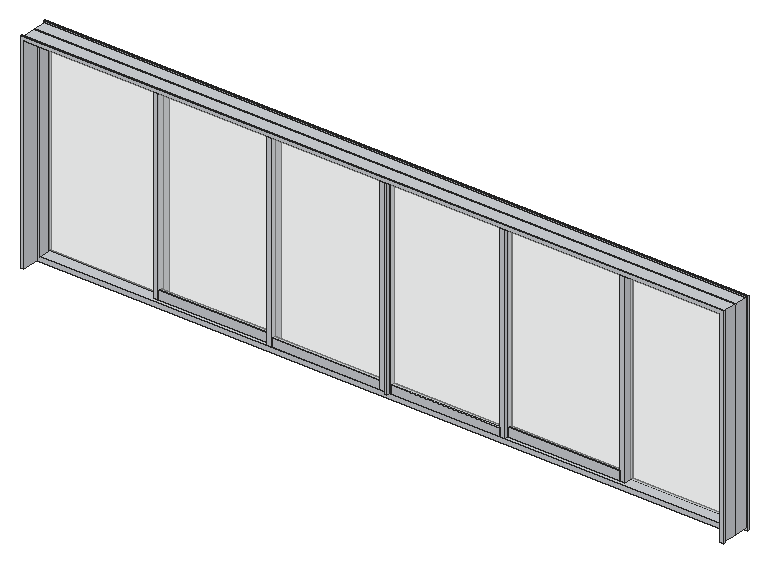
Revit family "APL Residential Thermal Heart Sliding Door FSSSSF", category Doors, host Wall, Revit 2017 (continued)
Definition of nested family "APL Residential Thermal Heart Sliding Door FSSSSF Vertical Section"
  Definition of nested family "Three Panel Head"
    Definition of nested family "65460_Door Top And Window Rail"
      Lines and regions (mm)
        detail lines, in view "Ref. Level"
          curve 115: line (17.002, 35.003, 0) -> (17.002, 31.776, 0)
          curve 116: line (17.002, 31.75, 0) -> (17.196, 31, 0)
          curve 117: line (17.002, 30.75, 0) -> (16.482, 30.75, 0)
          curve 118: line (16.325, 30.794, 0) -> (15.071, 31.559, 0)
          curve 119: line (14.502, 31.7, 0) -> (14.502, 29.554, 0)
          curve 120: line (14.598, 29.383, 0) -> (16.379, 28.296, 0)
          curve 121: line (16.379, 27.954, 0) -> (14.598, 26.867, 0)
          curve 122: line (14.502, 26.696, 0) -> (14.502, 24.55, 0)
          curve 123: line (15.071, 24.691, 0) -> (16.325, 25.456, 0)
          curve 124: line (16.481, 25.5, 0) -> (17.002, 25.5, 0)
          curve 125: arc (17.002, 25.5, 0) -> (17.16, 25.422, 0) -> (17.196, 25.25, 0) r 0.2
          curve 126: arc (2.202, 31.65, 0) -> (2.319, 31.367, 0) -> (2.602, 31.25, 0) r 0.4
          curve 127: arc (2.895, 31.25, 0) -> (2.998, 31.264, 0) -> (3.095, 31.304, 0) r 0.4
          curve 128: arc (4.623, 32.189, 0) -> (4.913, 32.309, 0) -> (5.224, 32.35, 0) r 1.2
          curve 129: arc (6.147, 32.35, 0) -> (6.72, 32.531, 0) -> (7.086, 33.008, 0) r 1
          curve 130: arc (7.879, 35.187, 0) -> (8.026, 35.378, 0) -> (8.255, 35.45, 0) r 0.4
          curve 131: arc (10.949, 35.45, 0) -> (11.178, 35.378, 0) -> (11.325, 35.187, 0) r 0.4
          curve 132: arc (12.118, 33.008, 0) -> (12.484, 32.531, 0) -> (13.057, 32.35, 0) r 1
          curve 133: arc (13.98, 32.35, 0) -> (14.291, 32.309, 0) -> (14.581, 32.189, 0) r 1.2
          curve 134: arc (16.109, 31.304, 0) -> (16.206, 31.264, 0) -> (16.309, 31.25, 0) r 0.4
          curve 135: arc (16.602, 31.25, 0) -> (16.885, 31.367, 0) -> (17.002, 31.65, 0) r 0.4
          curve 136: arc (17.002, 35.05, 0) -> (16.885, 35.333, 0) -> (16.602, 35.45, 0) r 0.4
          curve 137: arc (16.309, 35.45, 0) -> (16.206, 35.437, 0) -> (16.109, 35.396, 0) r 0.4
          curve 138: arc (14.581, 34.512, 0) -> (14.287, 34.39, 0) -> (13.972, 34.35, 0) r 1.2
          curve 139: arc (13.972, 34.35, 0) -> (13.797, 34.403, 0) -> (13.686, 34.548, 0) r 0.3
          curve 140: arc (12.798, 36.987, 0) -> (12.651, 37.178, 0) -> (12.422, 37.25, 0) r 0.4
          curve 141: arc (6.782, 37.25, 0) -> (6.553, 37.178, 0) -> (6.406, 36.987, 0) r 0.4
          curve 142: arc (5.518, 34.548, 0) -> (5.407, 34.403, 0) -> (5.232, 34.35, 0) r 0.3
          curve 143: arc (5.232, 34.35, 0) -> (4.917, 34.39, 0) -> (4.623, 34.512, 0) r 1.2
          curve 144: arc (3.095, 35.396, 0) -> (2.998, 35.437, 0) -> (2.895, 35.45, 0) r 0.4
          curve 145: arc (2.602, 35.45, 0) -> (2.319, 35.333, 0) -> (2.202, 35.05, 0) r 0.4
          curve 146: line (2.602, 31.25, 0) -> (2.895, 31.25, 0)
          curve 147: line (3.095, 31.304, 0) -> (4.623, 32.189, 0)
          curve 148: line (5.224, 32.35, 0) -> (6.147, 32.35, 0)
          curve 149: line (7.086, 33.008, 0) -> (7.879, 35.187, 0)
          curve 150: line (8.255, 35.45, 0) -> (10.949, 35.45, 0)
          curve 151: line (11.325, 35.187, 0) -> (12.118, 33.008, 0)
          curve 152: line (13.057, 32.35, 0) -> (13.98, 32.35, 0)
          curve 153: line (14.581, 32.189, 0) -> (16.109, 31.304, 0)
          curve 154: line (16.309, 31.25, 0) -> (16.602, 31.25, 0)
          curve 155: line (17.002, 31.65, 0) -> (17.002, 35.05, 0)
          curve 156: line (16.602, 35.45, 0) -> (16.309, 35.45, 0)
          curve 157: line (16.109, 35.396, 0) -> (14.581, 34.512, 0)
          curve 158: line (13.686, 34.548, 0) -> (12.798, 36.987, 0)
          curve 159: line (12.422, 37.25, 0) -> (6.782, 37.25, 0)
          curve 160: line (6.406, 36.987, 0) -> (5.518, 34.548, 0)
          curve 161: line (4.623, 34.512, 0) -> (3.095, 35.396, 0)
          curve 162: line (2.895, 35.45, 0) -> (2.602, 35.45, 0)
          curve 163: line (2.202, 35.05, 0) -> (2.202, 31.65, 0)
          curve 164: arc (2.202, 24.6, 0) -> (2.319, 24.883, 0) -> (2.602, 25, 0) r 0.4
          curve 165: arc (2.895, 25, 0) -> (2.998, 24.986, 0) -> (3.095, 24.946, 0) r 0.4
          curve 166: arc (4.623, 24.061, 0) -> (4.913, 23.941, 0) -> (5.224, 23.9, 0) r 1.2
          curve 167: arc (6.147, 23.9, 0) -> (6.72, 23.719, 0) -> (7.086, 23.242, 0) r 1
          curve 168: arc (7.879, 21.063, 0) -> (8.026, 20.872, 0) -> (8.255, 20.8, 0) r 0.4
          curve 169: arc (10.949, 20.8, 0) -> (11.178, 20.872, 0) -> (11.325, 21.063, 0) r 0.4
          curve 170: arc (12.118, 23.242, 0) -> (12.484, 23.719, 0) -> (13.057, 23.9, 0) r 1
          curve 171: arc (13.98, 23.9, 0) -> (14.291, 23.941, 0) -> (14.581, 24.061, 0) r 1.2
          curve 172: arc (16.109, 24.946, 0) -> (16.206, 24.986, 0) -> (16.309, 25, 0) r 0.4
          curve 173: arc (16.602, 25, 0) -> (16.885, 24.883, 0) -> (17.002, 24.6, 0) r 0.4
          curve 174: arc (17.002, 21.2, 0) -> (16.885, 20.917, 0) -> (16.602, 20.8, 0) r 0.4
          curve 175: arc (16.309, 20.8, 0) -> (16.206, 20.813, 0) -> (16.109, 20.854, 0) r 0.4
          curve 176: arc (14.581, 21.738, 0) -> (14.287, 21.86, 0) -> (13.972, 21.9, 0) r 1.2
          curve 177: arc (13.972, 21.9, 0) -> (13.797, 21.847, 0) -> (13.686, 21.702, 0) r 0.3
          curve 178: arc (12.798, 19.263, 0) -> (12.651, 19.072, 0) -> (12.422, 19, 0) r 0.4
          curve 179: arc (6.782, 19, 0) -> (6.553, 19.072, 0) -> (6.406, 19.263, 0) r 0.4
          curve 180: arc (5.518, 21.702, 0) -> (5.407, 21.847, 0) -> (5.232, 21.9, 0) r 0.3
          curve 181: arc (5.232, 21.9, 0) -> (4.917, 21.86, 0) -> (4.623, 21.738, 0) r 1.2
          curve 182: arc (3.095, 20.854, 0) -> (2.998, 20.813, 0) -> (2.895, 20.8, 0) r 0.4
          curve 183: arc (2.602, 20.8, 0) -> (2.319, 20.917, 0) -> (2.202, 21.2, 0) r 0.4
          curve 184: line (2.602, 25, 0) -> (2.895, 25, 0)
          curve 185: line (3.095, 24.946, 0) -> (4.623, 24.061, 0)
          curve 186: line (5.224, 23.9, 0) -> (6.147, 23.9, 0)
          curve 187: line (7.086, 23.242, 0) -> (7.879, 21.063, 0)
          curve 188: line (8.255, 20.8, 0) -> (10.949, 20.8, 0)
          curve 189: line (11.325, 21.063, 0) -> (12.118, 23.242, 0)
          curve 190: line (13.057, 23.9, 0) -> (13.98, 23.9, 0)
          curve 191: line (14.581, 24.061, 0) -> (16.109, 24.946, 0)
          curve 192: line (16.309, 25, 0) -> (16.602, 25, 0)
          curve 193: line (17.002, 24.6, 0) -> (17.002, 21.2, 0)
          curve 194: line (16.602, 20.8, 0) -> (16.309, 20.8, 0)
          curve 195: line (16.109, 20.854, 0) -> (14.581, 21.738, 0)
          curve 196: line (13.686, 21.702, 0) -> (12.798, 19.263, 0)
          curve 197: line (12.422, 19, 0) -> (6.782, 19, 0)
          curve 198: line (6.406, 19.263, 0) -> (5.518, 21.702, 0)
          curve 199: line (4.623, 21.738, 0) -> (3.095, 20.854, 0)
          curve 200: line (2.895, 20.8, 0) -> (2.602, 20.8, 0)
          curve 201: line (2.202, 21.2, 0) -> (2.202, 24.6, 0)
          curve 202: arc (2.402, 7.33, 0) -> (2.261, 7.271, 0) -> (2.202, 7.13, 0) r 0.2
          curve 203: arc (2.202, 6.53, 0) -> (2.143, 6.388, 0) -> (2.002, 6.33, 0) r 0.2
          curve 204: arc (1.6, 6.33, 0) -> (1.459, 6.388, 0) -> (1.4, 6.53, 0) r 0.2
          curve 205: arc (1.644, 18.06, 0) -> (1.956, 18.728, 0) -> (2.642, 19, 0) r 1
          curve 206: arc (3.119, 19, 0) -> (3.424, 19.199, 0) -> (3.697, 18.957, 0) r 0.3
          curve 207: arc (3.697, 18.957, 0) -> (3.763, 18.819, 0) -> (3.889, 18.731, 0) r 0.3
          curve 208: arc (5.299, 18.218, 0) -> (5.585, 18.262, 0) -> (5.701, 18.526, 0) r 0.3
          curve 209: arc (5.494, 20.891, 0) -> (5.467, 20.992, 0) -> (5.407, 21.077, 0) r 0.3
          curve 210: arc (5.043, 21.441, 0) -> (4.85, 21.493, 0) -> (4.709, 21.352, 0) r 0.2
          curve 211: arc (4.664, 21.184, 0) -> (4.612, 21.095, 0) -> (4.523, 21.043, 0) r 0.2
          curve 212: arc (2.302, 20.5, 0) -> (2.022, 20.693, 0) -> (2.102, 21.023, 0) r 0.3
          curve 213: arc (2.102, 21.023, 0) -> (2.176, 21.125, 0) -> (2.202, 21.247, 0) r 0.3
          curve 214: arc (2.008, 25.25, 0) -> (2.044, 25.422, 0) -> (2.202, 25.5, 0) r 0.2
          curve 215: arc (2.722, 25.5, 0) -> (2.804, 25.489, 0) -> (2.879, 25.456, 0) r 0.3
          curve 216: arc (4.133, 24.691, 0) -> (4.13, 24.521, 0) -> (4.236, 24.388, 0) r 0.25
          curve 217: arc (4.322, 24.336, 0) -> (4.574, 24.332, 0) -> (4.702, 24.55, 0) r 0.25
          curve 218: arc (4.702, 26.696, 0) -> (4.676, 26.794, 0) -> (4.606, 26.867, 0) r 0.2
          curve 219: arc (2.725, 28.015, 0) -> (2.629, 28.186, 0) -> (2.725, 28.357, 0) r 0.2
          curve 220: arc (4.606, 29.505, 0) -> (4.676, 29.578, 0) -> (4.702, 29.676, 0) r 0.2
          curve 221: arc (4.702, 31.7, 0) -> (4.575, 31.918, 0) -> (4.322, 31.914, 0) r 0.25
          curve 222: arc (4.236, 31.861, 0) -> (4.13, 31.729, 0) -> (4.133, 31.559, 0) r 0.25
          curve 223: arc (2.879, 30.794, 0) -> (2.804, 30.761, 0) -> (2.723, 30.75, 0) r 0.3
          curve 224: arc (2.202, 30.75, 0) -> (2.044, 30.828, 0) -> (2.008, 31, 0) r 0.2
          curve 225: arc (2.202, 35.003, 0) -> (2.176, 35.125, 0) -> (2.102, 35.227, 0) r 0.3
          curve 226: arc (2.102, 35.227, 0) -> (2.022, 35.557, 0) -> (2.302, 35.75, 0) r 0.3
          curve 227: arc (4.523, 35.207, 0) -> (4.612, 35.155, 0) -> (4.664, 35.066, 0) r 0.2
          curve 228: arc (4.709, 34.898, 0) -> (4.85, 34.757, 0) -> (5.043, 34.809, 0) r 0.2
          curve 229: arc (5.407, 35.173, 0) -> (5.467, 35.258, 0) -> (5.494, 35.359, 0) r 0.3
          curve 230: arc (5.701, 37.724, 0) -> (5.585, 37.988, 0) -> (5.299, 38.032, 0) r 0.3
          curve 231: arc (3.889, 37.519, 0) -> (3.763, 37.431, 0) -> (3.697, 37.293, 0) r 0.3
          curve 232: arc (3.697, 37.293, 0) -> (3.424, 37.051, 0) -> (3.119, 37.25, 0) r 0.3
          curve 233: arc (2.3, 37.25, 0) -> (1.946, 37.397, 0) -> (1.8, 37.75, 0) r 0.5
          curve 234: arc (1.8, 41.053, 0) -> (1.86, 41.193, 0) -> (2, 41.25, 0) r 0.2
          curve 235: arc (3, 41.25, 0) -> (3.141, 41.309, 0) -> (3.2, 41.45, 0) r 0.2
          curve 236: arc (3.2, 42.55, 0) -> (3.141, 42.692, 0) -> (3, 42.75, 0) r 0.2
          curve 237: arc (2, 42.75, 0) -> (1.86, 42.808, 0) -> (1.8, 42.947, 0) r 0.2
          curve 238: arc (1.8, 56.053, 0) -> (1.86, 56.193, 0) -> (2, 56.25, 0) r 0.2
          curve 239: arc (3, 56.25, 0) -> (3.141, 56.309, 0) -> (3.2, 56.45, 0) r 0.2
          curve 240: arc (3.2, 57.55, 0) -> (3.141, 57.692, 0) -> (3, 57.75, 0) r 0.2
          curve 241: arc (2, 57.75, 0) -> (1.86, 57.808, 0) -> (1.8, 57.947, 0) r 0.2
          curve 242: arc (1.8, 71.8, 0) -> (1.741, 71.942, 0) -> (1.6, 72, 0) r 0.2
          curve 243: arc (0.5, 72, 0) -> (0.146, 71.854, 0) -> (0, 71.5, 0) r 0.5
          curve 244: arc (0, 0.2, 0) -> (0.059, 0.058, 0) -> (0.2, 0, 0) r 0.2
          curve 245: arc (3.002, 0, 0) -> (3.143, 0.058, 0) -> (3.202, 0.2, 0) r 0.2
          curve 246: arc (3.202, 1.63, 0) -> (3.143, 1.771, 0) -> (3.002, 1.83, 0) r 0.2
          curve 247: arc (2.402, 1.83, 0) -> (2.261, 1.771, 0) -> (2.202, 1.63, 0) r 0.2
          curve 248: arc (2.202, 1.28, 0) -> (2.143, 1.138, 0) -> (2.002, 1.08, 0) r 0.2
          curve 249: arc (1.402, 1.08, 0) -> (1.261, 1.138, 0) -> (1.202, 1.28, 0) r 0.2
          curve 250: arc (1.202, 4.38, 0) -> (1.261, 4.521, 0) -> (1.402, 4.58, 0) r 0.2
          curve 251: arc (2.002, 4.58, 0) -> (2.143, 4.521, 0) -> (2.202, 4.38, 0) r 0.2
          curve 252: arc (2.202, 4.03, 0) -> (2.261, 3.888, 0) -> (2.402, 3.83, 0) r 0.2
          curve 253: arc (3.002, 3.83, 0) -> (3.143, 3.888, 0) -> (3.202, 4.03, 0) r 0.2
          curve 254: line (3.002, 7.33, 0) -> (2.402, 7.33, 0)
          curve 255: line (2.202, 7.13, 0) -> (2.202, 6.53, 0)
          curve 256: line (2.002, 6.33, 0) -> (1.6, 6.33, 0)
          curve 257: line (1.4, 6.53, 0) -> (1.4, 14, 0)
          curve 258: line (1.4, 14, 0) -> (1.644, 18.06, 0)
          curve 259: line (2.642, 19, 0) -> (3.119, 19, 0)
          curve 260: line (3.889, 18.731, 0) -> (5.299, 18.218, 0)
          curve 261: line (5.701, 18.526, 0) -> (5.494, 20.891, 0)
          curve 262: line (5.407, 21.077, 0) -> (5.043, 21.441, 0)
          curve 263: line (4.709, 21.352, 0) -> (4.664, 21.184, 0)
          curve 264: line (4.523, 21.043, 0) -> (2.534, 20.51, 0)
          curve 265: line (2.202, 21.247, 0) -> (2.202, 24.474, 0)
          curve 266: line (2.196, 24.524, 0) -> (2.008, 25.25, 0)
          curve 267: line (2.202, 25.5, 0) -> (2.722, 25.5, 0)
          curve 268: line (2.879, 25.456, 0) -> (4.133, 24.691, 0)
          curve 269: line (4.702, 24.55, 0) -> (4.702, 26.696, 0)
          curve 270: line (4.606, 26.867, 0) -> (2.725, 28.015, 0)
          curve 271: line (2.725, 28.357, 0) -> (4.606, 29.505, 0)
          curve 272: line (4.702, 29.676, 0) -> (4.702, 31.7, 0)
          curve 273: line (4.133, 31.559, 0) -> (2.879, 30.794, 0)
          curve 274: line (2.723, 30.75, 0) -> (2.202, 30.75, 0)
          curve 275: line (2.008, 31, 0) -> (2.196, 31.726, 0)
          curve 276: line (2.202, 31.776, 0) -> (2.202, 35.003, 0)
          curve 277: line (2.534, 35.74, 0) -> (4.523, 35.207, 0)
          curve 278: line (4.664, 35.066, 0) -> (4.709, 34.898, 0)
          curve 279: line (5.043, 34.809, 0) -> (5.407, 35.173, 0)
          curve 280: line (5.494, 35.359, 0) -> (5.701, 37.724, 0)
          curve 281: line (5.299, 38.032, 0) -> (3.889, 37.519, 0)
          curve 282: line (3.119, 37.25, 0) -> (2.3, 37.25, 0)
          curve 283: line (1.8, 37.75, 0) -> (1.8, 41.053, 0)
          curve 284: line (2, 41.25, 0) -> (3, 41.25, 0)
          curve 285: line (3.2, 41.45, 0) -> (3.2, 42.55, 0)
          curve 286: line (3, 42.75, 0) -> (2, 42.75, 0)
          curve 287: line (1.8, 42.947, 0) -> (1.8, 56.053, 0)
          curve 288: line (2, 56.25, 0) -> (3, 56.25, 0)
          curve 289: line (3.2, 56.45, 0) -> (3.2, 57.55, 0)
          curve 290: line (3, 57.75, 0) -> (2, 57.75, 0)
          curve 291: line (1.8, 57.947, 0) -> (1.8, 71.8, 0)
          curve 292: line (1.6, 72, 0) -> (0.5, 72, 0)
          curve 293: line (0, 71.5, 0) -> (0, 0.2, 0)
          curve 294: line (0.2, 0, 0) -> (3.002, 0, 0)
          curve 295: line (3.202, 0.2, 0) -> (3.202, 1.63, 0)
          curve 296: line (3.002, 1.83, 0) -> (2.402, 1.83, 0)
          curve 297: line (2.202, 1.63, 0) -> (2.202, 1.28, 0)
          curve 298: line (2.002, 1.08, 0) -> (1.402, 1.08, 0)
          curve 299: line (1.202, 1.28, 0) -> (1.202, 4.38, 0)
          curve 300: line (1.402, 4.58, 0) -> (2.002, 4.58, 0)
          curve 301: line (2.202, 4.38, 0) -> (2.202, 4.03, 0)
          curve 302: line (2.402, 3.83, 0) -> (3.002, 3.83, 0)
          curve 303: line (3.202, 4.03, 0) -> (3.202, 7.13, 0)
          curve 304: arc (3.202, 7.13, 0) -> (3.143, 7.271, 0) -> (3.002, 7.33, 0) r 0.2
      Text (mm)
        text "65460" at (7.711, 85.3, 0), in view "Ref. Level"
    Definition of nested family "65410_Frame"
      Reference planes
        plane 1 "Center (Front/Back)": y = 0
        plane 2: z = 0
        plane 3 "Center (Left/Right)": x = 0
      Lines and regions (mm)
        model lines, in view "Ref. Level"
          curve 1: arc (10.8, -17.502, 0) -> (11.356, -16.157, 0) -> (12.7, -15.6, 0) r 1.9
          curve 2: arc (13.1, -15.6, 0) -> (13.241, -15.541, 0) -> (13.3, -15.4, 0) r 0.2
          curve 3: arc (13.3, -8.6, 0) -> (13.241, -8.459, 0) -> (13.1, -8.4, 0) r 0.2
          curve 4: arc (11, -8.4, 0) -> (10.859, -8.341, 0) -> (10.8, -8.2, 0) r 0.2
          curve 5: arc (10.8, -7.717, 0) -> (10.741, -7.575, 0) -> (10.6, -7.517, 0) r 0.2
          curve 6: arc (1.9, -7.517, 0) -> (1.546, -7.663, 0) -> (1.4, -8.017, 0) r 0.5
          curve 7: arc (1.4, -21.755, 0) -> (1.521, -22.369, 0) -> (1.869, -22.889, 0) r 1.6
          curve 8: arc (6.387, -27.407, 0) -> (6.711, -27.624, 0) -> (7.094, -27.7, 0) r 1
          curve 9: arc (9.8, -27.7, 0) -> (10.507, -27.407, 0) -> (10.8, -26.7, 0) r 1
          curve 10: arc (1.665, -0.379, 0) -> (1.729, -0.478, 0) -> (1.725, -0.597, 0) r 0.2
          curve 11: arc (1.725, -0.597, 0) -> (1.621, -0.766, 0) -> (1.453, -0.873, 0) r 0.45
          curve 12: arc (1.453, -0.873, 0) -> (1.357, -0.948, 0) -> (1.322, -1.064, 0) r 0.2
          curve 13: arc (1.379, -5.919, 0) -> (1.438, -6.059, 0) -> (1.579, -6.117, 0) r 0.2
          curve 14: arc (10.6, -6.117, 0) -> (10.741, -6.058, 0) -> (10.8, -5.917, 0) r 0.2
          curve 15: arc (10.8, -1.828, 0) -> (10.773, -1.728, 0) -> (10.7, -1.655, 0) r 0.2
          curve 16: arc (9.6, -1.02, 0) -> (9.38, -0.8, 0) -> (9.3, -0.5, 0) r 0.6
          curve 17: arc (9.3, -0.2, 0) -> (9.359, -0.059, 0) -> (9.5, 0, 0) r 0.2
          curve 18: arc (13.617, 0, 0) -> (13.922, -0.199, 0) -> (14.195, 0.043, 0) r 0.3
          curve 19: arc (14.195, 0.043, 0) -> (14.261, 0.181, 0) -> (14.387, 0.268, 0) r 0.3
          curve 20: arc (15.797, 0.782, 0) -> (16.083, 0.738, 0) -> (16.199, 0.474, 0) r 0.3
          curve 21: arc (15.992, -1.892, 0) -> (15.965, -1.992, 0) -> (15.905, -2.078, 0) r 0.3
          curve 22: arc (15.541, -2.441, 0) -> (15.348, -2.493, 0) -> (15.207, -2.352, 0) r 0.2
          curve 23: arc (15.162, -2.184, 0) -> (15.11, -2.095, 0) -> (15.021, -2.043, 0) r 0.2
          curve 24: arc (12.8, -1.5, 0) -> (12.52, -1.693, 0) -> (12.6, -2.024, 0) r 0.3
          curve 25: arc (12.6, -2.024, 0) -> (12.674, -2.125, 0) -> (12.7, -2.247, 0) r 0.3
          curve 26: arc (12.506, -6.25, 0) -> (12.542, -6.422, 0) -> (12.7, -6.5, 0) r 0.2
          curve 27: arc (13.221, -6.5, 0) -> (13.302, -6.489, 0) -> (13.377, -6.456, 0) r 0.3
          curve 28: arc (14.631, -5.691, 0) -> (14.628, -5.521, 0) -> (14.734, -5.389, 0) r 0.25
          curve 29: arc (14.82, -5.337, 0) -> (15.072, -5.332, 0) -> (15.2, -5.55, 0) r 0.25
          curve 30: arc (15.2, -15.401, 0) -> (15.259, -15.542, 0) -> (15.4, -15.6, 0) r 0.2
          curve 31: arc (16.479, -15.6, 0) -> (16.643, -15.685, 0) -> (16.667, -15.868, 0) r 0.2
          curve 32: arc (15.775, -18.318, 0) -> (15.702, -18.414, 0) -> (15.587, -18.45, 0) r 0.2
          curve 33: arc (15.353, -18.45, 0) -> (15.248, -18.48, 0) -> (15.174, -18.561, 0) r 0.2
          curve 34: arc (15.174, -18.561, 0) -> (15.019, -18.69, 0) -> (14.82, -18.663, 0) r 0.25
          curve 35: arc (14.734, -18.611, 0) -> (14.628, -18.479, 0) -> (14.631, -18.309, 0) r 0.25
          curve 36: arc (13.377, -17.544, 0) -> (13.302, -17.511, 0) -> (13.221, -17.5, 0) r 0.3
          curve 37: arc (12.7, -17.5, 0) -> (12.542, -17.578, 0) -> (12.506, -17.75, 0) r 0.2
          curve 38: arc (12.7, -21.753, 0) -> (12.674, -21.875, 0) -> (12.6, -21.976, 0) r 0.3
          curve 39: arc (12.6, -21.976, 0) -> (12.52, -22.307, 0) -> (12.8, -22.5, 0) r 0.3
          curve 40: arc (15.021, -21.957, 0) -> (15.11, -21.905, 0) -> (15.162, -21.816, 0) r 0.2
          curve 41: arc (15.207, -21.648, 0) -> (15.348, -21.507, 0) -> (15.541, -21.559, 0) r 0.2
          curve 42: arc (15.905, -21.922, 0) -> (15.965, -22.008, 0) -> (15.992, -22.108, 0) r 0.3
          curve 43: arc (16.199, -24.474, 0) -> (16.083, -24.738, 0) -> (15.797, -24.782, 0) r 0.3
          curve 44: arc (14.387, -24.268, 0) -> (14.261, -24.181, 0) -> (14.195, -24.043, 0) r 0.3
          curve 45: arc (14.195, -24.043, 0) -> (13.922, -23.801, 0) -> (13.617, -24, 0) r 0.3
          curve 46: arc (12.6, -24, 0) -> (12.459, -24.059, 0) -> (12.4, -24.2, 0) r 0.2
          curve 47: arc (12.4, -26.696, 0) -> (11.64, -28.537, 0) -> (9.8, -29.3, 0) r 2.6
          curve 48: arc (7.9, -29.3, 0) -> (7.547, -29.446, 0) -> (7.4, -29.8, 0) r 0.5
          curve 49: arc (7.4, -37.402, 0) -> (7.508, -37.581, 0) -> (7.716, -37.566, 0) r 0.2
          curve 50: arc (7.716, -37.566, 0) -> (8.721, -37.692, 0) -> (8.684, -38.705, 0) r 0.75
          curve 51: arc (8.684, -38.705, 0) -> (8.15, -40.005, 0) -> (8.684, -41.305, 0) r 1.85
          curve 52: arc (8.684, -41.305, 0) -> (8.794, -41.447, 0) -> (8.867, -41.612, 0) r 0.75
          curve 53: arc (8.867, -41.612, 0) -> (8.97, -41.796, 0) -> (9.14, -41.921, 0) r 0.5
          curve 54: arc (9.14, -41.921, 0) -> (10, -42.105, 0) -> (10.86, -41.921, 0) r 2.1
          curve 55: arc (10.86, -41.921, 0) -> (11.03, -41.796, 0) -> (11.133, -41.612, 0) r 0.5
          curve 56: arc (11.133, -41.612, 0) -> (11.206, -41.447, 0) -> (11.316, -41.305, 0) r 0.75
          curve 57: arc (11.316, -41.305, 0) -> (11.85, -40.005, 0) -> (11.316, -38.705, 0) r 1.85
          curve 58: arc (11.316, -38.705, 0) -> (11.323, -37.644, 0) -> (12.384, -37.651, 0) r 0.75
          curve 59: arc (12.384, -37.651, 0) -> (13.348, -39.881, 0) -> (12.551, -42.176, 0) r 3.35
          curve 60: arc (12.551, -42.176, 0) -> (12.478, -42.71, 0) -> (12.932, -43, 0) r 0.5
          curve 61: arc (13.15, -43, 0) -> (13.291, -43.059, 0) -> (13.35, -43.2, 0) r 0.2
          curve 62: arc (13.35, -43.5, 0) -> (13.204, -43.854, 0) -> (12.85, -44, 0) r 0.5
          curve 63: arc (7, -44, 0) -> (6.293, -43.707, 0) -> (6, -43, 0) r 1
          curve 64: arc (6, -30.243, 0) -> (5.772, -29.095, 0) -> (5.121, -28.121, 0) r 3
          curve 65: arc (0.879, -23.879, 0) -> (0.228, -22.905, 0) -> (0, -21.757, 0) r 3
          curve 66: arc (0, -0.2, 0) -> (0.059, -0.059, 0) -> (0.2, 0, 0) r 0.2
          curve 67: line (10.8, -26.7, 0) -> (10.8, -17.502, 0)
          curve 68: line (12.7, -15.6, 0) -> (13.1, -15.6, 0)
          curve 69: line (13.3, -15.4, 0) -> (13.3, -8.6, 0)
          curve 70: line (13.1, -8.4, 0) -> (11, -8.4, 0)
          curve 71: line (10.8, -8.2, 0) -> (10.8, -7.717, 0)
          curve 72: line (10.6, -7.517, 0) -> (1.9, -7.517, 0)
          curve 73: line (1.4, -8.017, 0) -> (1.4, -21.755, 0)
          curve 74: line (1.869, -22.889, 0) -> (6.387, -27.407, 0)
          curve 75: line (7.094, -27.7, 0) -> (9.8, -27.7, 0)
          curve 76: line (1.322, -1.064, 0) -> (1.379, -5.919, 0)
          curve 77: line (1.579, -6.117, 0) -> (10.6, -6.117, 0)
          curve 78: line (10.8, -5.917, 0) -> (10.8, -1.828, 0)
          curve 79: line (10.7, -1.655, 0) -> (9.6, -1.02, 0)
          curve 80: line (9.3, -0.5, 0) -> (9.3, -0.2, 0)
          curve 81: line (9.5, 0, 0) -> (13.617, 0, 0)
          curve 82: line (14.387, 0.268, 0) -> (15.797, 0.782, 0)
          curve 83: line (16.199, 0.474, 0) -> (15.992, -1.892, 0)
          curve 84: line (15.905, -2.078, 0) -> (15.541, -2.441, 0)
          curve 85: line (15.207, -2.352, 0) -> (15.162, -2.184, 0)
          curve 86: line (15.162, -2.184, 0) -> (13.032, -1.51, 0)
          curve 87: line (13.032, -1.51, 0) -> (12.8, -1.5, 0)
          curve 88: line (12.7, -2.247, 0) -> (12.7, -5.475, 0)
          curve 89: line (12.7, -5.475, 0) -> (12.506, -6.25, 0)
          curve 90: line (12.7, -6.5, 0) -> (13.221, -6.5, 0)
          curve 91: line (13.221, -6.5, 0) -> (14.631, -5.691, 0)
          curve 92: line (15.2, -5.55, 0) -> (15.2, -7.126, 0)
          curve 93: line (15.2, -7.126, 0) -> (15.2, -15.401, 0)
          curve 94: line (15.4, -15.6, 0) -> (16.479, -15.6, 0)
          curve 95: line (16.667, -15.868, 0) -> (15.775, -18.318, 0)
          curve 96: line (15.587, -18.45, 0) -> (15.353, -18.45, 0)
          curve 97: line (14.631, -18.309, 0) -> (13.377, -17.544, 0)
          curve 98: line (13.377, -17.544, 0) -> (12.7, -17.5, 0)
          curve 99: line (12.506, -17.75, 0) -> (12.694, -18.475, 0)
          curve 100: line (12.694, -18.475, 0) -> (12.7, -21.753, 0)
          curve 101: line (12.954, -22.5, 0) -> (15.021, -21.957, 0)
          curve 102: line (15.021, -21.957, 0) -> (15.207, -21.648, 0)
          curve 103: line (15.541, -21.559, 0) -> (15.905, -21.922, 0)
          curve 104: line (15.992, -22.108, 0) -> (16.199, -24.474, 0)
          curve 105: line (15.797, -24.782, 0) -> (14.387, -24.268, 0)
          curve 106: line (13.617, -24, 0) -> (12.6, -24, 0)
          curve 107: line (12.4, -24.2, 0) -> (12.4, -26.696, 0)
          curve 108: line (9.8, -29.3, 0) -> (7.9, -29.3, 0)
          curve 109: line (7.4, -29.8, 0) -> (7.4, -37.402, 0)
          curve 110: line (12.932, -43, 0) -> (13.15, -43, 0)
          curve 111: line (13.35, -43.2, 0) -> (13.35, -43.5, 0)
          curve 112: line (12.85, -44, 0) -> (7, -44, 0)
          curve 113: line (6, -43, 0) -> (6, -30.243, 0)
          curve 114: line (5.121, -28.121, 0) -> (0.879, -23.879, 0)
          curve 115: line (0, -21.757, 0) -> (0, -0.2, 0)
          curve 116: line (0.2, 0, 0) -> (1.141, 0, 0)
          curve 117: line (1.141, 0, 0) -> (1.665, -0.379, 0)
          curve 118: arc (46.1, 0.2, 0) -> (45.602, -1.002, 0) -> (44.4, -1.5, 0) r 1.7
          curve 119: arc (29.9, -1.5, 0) -> (29.546, -1.646, 0) -> (29.4, -2, 0) r 0.5
          curve 120: arc (29.4, -15.099, 0) -> (29.546, -15.453, 0) -> (29.9, -15.6, 0) r 0.5
          curve 121: arc (36.605, -15.6, 0) -> (37.013, -15.521, 0) -> (37.363, -15.296, 0) r 1.1
          curve 122: arc (37.363, -15.296, 0) -> (38.199, -14.684, 0) -> (39.189, -14.379, 0) r 3.126
          curve 123: arc (62.286, -13.2, 0) -> (62.738, -12.881, 0) -> (63.285, -12.958, 0) r 0.75
          curve 124: arc (63.285, -12.958, 0) -> (64.2, -13.2, 0) -> (65.115, -12.958, 0) r 1.85
          curve 125: arc (65.115, -12.958, 0) -> (65.281, -12.888, 0) -> (65.459, -12.86, 0) r 0.75
          curve 126: arc (65.459, -12.86, 0) -> (65.663, -12.808, 0) -> (65.828, -12.676, 0) r 0.5
          curve 127: arc (65.828, -12.676, 0) -> (66.3, -11.35, 0) -> (65.828, -10.024, 0) r 2.1
          curve 128: arc (65.828, -10.024, 0) -> (65.663, -9.892, 0) -> (65.459, -9.84, 0) r 0.5
          curve 129: arc (65.459, -9.84, 0) -> (65.281, -9.812, 0) -> (65.115, -9.742, 0) r 0.75
          curve 130: arc (65.115, -9.742, 0) -> (63.721, -9.563, 0) -> (62.604, -10.415, 0) r 1.85
          curve 131: arc (62.604, -10.415, 0) -> (61.577, -10.683, 0) -> (61.309, -9.657, 0) r 0.75
          curve 132: arc (61.309, -9.657, 0) -> (62.349, -8.558, 0) -> (63.765, -8.028, 0) r 3.35
          curve 133: arc (63.765, -8.028, 0) -> (64.076, -7.862, 0) -> (64.2, -7.533, 0) r 0.5
          curve 134: arc (64.2, 1.517, 0) -> (64.489, 3.435, 0) -> (65.33, 5.182, 0) r 6.5
          curve 135: arc (65.33, 5.182, 0) -> (65.978, 6.526, 0) -> (66.2, 8, 0) r 5
          curve 136: arc (66.2, 17.1, 0) -> (66.054, 17.454, 0) -> (65.7, 17.6, 0) r 0.5
          curve 137: arc (47, 17.6, 0) -> (46.646, 17.454, 0) -> (46.5, 17.1, 0) r 0.5
          curve 138: arc (46.5, 12.5, 0) -> (46.409, 11.986, 0) -> (46.147, 11.533, 0) r 1.5
          curve 139: arc (24.183, -15.774, 0) -> (24.053, -15.838, 0) -> (24, -15.973, 0) r 0.2
          curve 140: arc (24.399, -18.321, 0) -> (24.668, -18.608, 0) -> (25.06, -18.613, 0) r 0.5
          curve 141: arc (25.06, -18.613, 0) -> (25.211, -18.697, 0) -> (25.38, -18.663, 0) r 0.25
          curve 142: arc (25.466, -18.611, 0) -> (25.572, -18.479, 0) -> (25.569, -18.309, 0) r 0.25
          curve 143: arc (26.823, -17.544, 0) -> (26.898, -17.511, 0) -> (26.979, -17.5, 0) r 0.3
          curve 144: arc (27.5, -17.5, 0) -> (27.658, -17.578, 0) -> (27.694, -17.75, 0) r 0.2
          curve 145: arc (27.5, -21.753, 0) -> (27.526, -21.875, 0) -> (27.6, -21.976, 0) r 0.3
          curve 146: arc (27.6, -21.976, 0) -> (27.68, -22.307, 0) -> (27.4, -22.5, 0) r 0.3
          curve 147: arc (25.179, -21.957, 0) -> (25.09, -21.905, 0) -> (25.038, -21.816, 0) r 0.2
          curve 148: arc (24.993, -21.648, 0) -> (24.852, -21.507, 0) -> (24.659, -21.559, 0) r 0.2
          curve 149: arc (24.295, -21.922, 0) -> (24.235, -22.008, 0) -> (24.208, -22.108, 0) r 0.3
          curve 150: arc (24.001, -24.474, 0) -> (24.117, -24.738, 0) -> (24.403, -24.782, 0) r 0.3
          curve 151: arc (25.813, -24.268, 0) -> (25.939, -24.181, 0) -> (26.005, -24.043, 0) r 0.3
          curve 152: arc (26.005, -24.043, 0) -> (26.278, -23.801, 0) -> (26.583, -24, 0) r 0.3
          curve 153: arc (28.9, -24, 0) -> (29.254, -23.854, 0) -> (29.4, -23.5, 0) r 0.5
          curve 154: arc (29.4, -17.9, 0) -> (29.546, -17.546, 0) -> (29.9, -17.4, 0) r 0.499
          curve 155: arc (37.767, -17.4, 0) -> (38.931, -17.165, 0) -> (39.913, -16.497, 0) r 2.996
          curve 156: arc (39.913, -16.497, 0) -> (40.232, -16.27, 0) -> (40.611, -16.169, 0) r 1.1
          curve 157: arc (68.1, -15.1, 0) -> (68.241, -15.159, 0) -> (68.3, -15.3, 0) r 0.2
          curve 158: arc (68.3, -23.5, 0) -> (68.446, -23.854, 0) -> (68.8, -24, 0) r 0.5
          curve 159: arc (71.117, -24, 0) -> (71.422, -23.801, 0) -> (71.695, -24.043, 0) r 0.3
          curve 160: arc (71.695, -24.043, 0) -> (71.761, -24.181, 0) -> (71.887, -24.268, 0) r 0.3
          curve 161: arc (73.297, -24.782, 0) -> (73.583, -24.738, 0) -> (73.699, -24.474, 0) r 0.3
          curve 162: arc (73.492, -22.108, 0) -> (73.465, -22.008, 0) -> (73.405, -21.922, 0) r 0.3
          curve 163: arc (73.041, -21.559, 0) -> (72.848, -21.507, 0) -> (72.707, -21.648, 0) r 0.2
          curve 164: arc (72.662, -21.816, 0) -> (72.61, -21.905, 0) -> (72.521, -21.957, 0) r 0.2
          curve 165: arc (70.3, -22.5, 0) -> (70.02, -22.307, 0) -> (70.1, -21.976, 0) r 0.3
          curve 166: arc (70.1, -21.976, 0) -> (70.174, -21.875, 0) -> (70.2, -21.753, 0) r 0.3
          curve 167: arc (70.006, -17.75, 0) -> (70.042, -17.578, 0) -> (70.2, -17.5, 0) r 0.2
          curve 168: arc (70.721, -17.5, 0) -> (70.802, -17.511, 0) -> (70.877, -17.544, 0) r 0.3
          curve 169: arc (72.131, -18.309, 0) -> (72.128, -18.479, 0) -> (72.234, -18.611, 0) r 0.25
          curve 170: arc (72.32, -18.663, 0) -> (72.572, -18.668, 0) -> (72.7, -18.45, 0) r 0.25
          curve 171: arc (72.7, -16.876, 0) -> (72.618, -16.478, 0) -> (72.385, -16.146, 0) r 1
          curve 172: arc (72.385, -16.146, 0) -> (72.322, -16, 0) -> (72.385, -15.854, 0) r 0.2
          curve 173: arc (72.385, -15.854, 0) -> (72.618, -15.523, 0) -> (72.7, -15.126, 0) r 1
          curve 174: arc (72.7, -13.551, 0) -> (72.573, -13.332, 0) -> (72.32, -13.337, 0) r 0.25
          curve 175: arc (72.234, -13.389, 0) -> (72.128, -13.521, 0) -> (72.131, -13.691, 0) r 0.25
          curve 176: arc (70.877, -14.456, 0) -> (70.802, -14.489, 0) -> (70.721, -14.5, 0) r 0.3
          curve 177: arc (70.2, -14.5, 0) -> (70.042, -14.422, 0) -> (70.006, -14.25, 0) r 0.2
          curve 178: arc (70.2, -10.247, 0) -> (70.174, -10.124, 0) -> (70.1, -10.024, 0) r 0.3
          curve 179: arc (70.1, -10.024, 0) -> (70.02, -9.693, 0) -> (70.3, -9.5, 0) r 0.3
          curve 180: arc (72.521, -10.043, 0) -> (72.61, -10.095, 0) -> (72.662, -10.184, 0) r 0.2
          curve 181: arc (72.707, -10.352, 0) -> (72.848, -10.493, 0) -> (73.041, -10.441, 0) r 0.2
          curve 182: arc (73.405, -10.078, 0) -> (73.465, -9.992, 0) -> (73.492, -9.892, 0) r 0.3
          curve 183: arc (73.699, -7.526, 0) -> (73.583, -7.262, 0) -> (73.297, -7.218, 0) r 0.3
          curve 184: arc (71.887, -7.732, 0) -> (71.761, -7.819, 0) -> (71.695, -7.957, 0) r 0.3
          curve 185: arc (71.695, -7.957, 0) -> (71.422, -8.199, 0) -> (71.117, -8, 0) r 0.3
          curve 186: arc (66.201, -8, 0) -> (65.847, -7.854, 0) -> (65.7, -7.5, 0) r 0.5
          curve 187: arc (65.7, 1.519, 0) -> (65.922, 2.994, 0) -> (66.57, 4.337, 0) r 5
          curve 188: arc (66.57, 4.337, 0) -> (67.411, 6.083, 0) -> (67.7, 8, 0) r 6.5
          curve 189: arc (67.7, 9.1, 0) -> (67.759, 9.241, 0) -> (67.9, 9.3, 0) r 0.2
          curve 190: arc (69.3, 9.3, 0) -> (69.441, 9.241, 0) -> (69.5, 9.1, 0) r 0.2
          curve 191: arc (69.5, 8.8, 0) -> (70, 8.299, 0) -> (70.5, 8.8, 0) r 0.5
          curve 192: arc (70.5, 11.351, 0) -> (69.999, 11.85, 0) -> (69.5, 11.35, 0) r 0.5
          curve 193: arc (69.5, 10.5, 0) -> (69.441, 10.359, 0) -> (69.3, 10.3, 0) r 0.2
          curve 194: arc (67.9, 10.3, 0) -> (67.759, 10.359, 0) -> (67.7, 10.5, 0) r 0.2
          curve 195: arc (67.7, 17.8, 0) -> (67.759, 17.941, 0) -> (67.9, 18, 0) r 0.2
          curve 196: arc (69.3, 18, 0) -> (69.441, 17.941, 0) -> (69.5, 17.8, 0) r 0.2
          curve 197: arc (69.5, 16.95, 0) -> (70, 16.449, 0) -> (70.5, 16.95, 0) r 0.5
          curve 198: arc (70.5, 18.499, 0) -> (70.354, 18.853, 0) -> (70, 19, 0) r 0.5
          curve 199: arc (42.7, 19, 0) -> (42.559, 18.941, 0) -> (42.5, 18.8, 0) r 0.2
          curve 200: arc (42.5, 17.25, 0) -> (43, 16.749, 0) -> (43.5, 17.25, 0) r 0.5
          curve 201: arc (43.5, 17.8, 0) -> (43.559, 17.941, 0) -> (43.7, 18, 0) r 0.2
          curve 202: arc (44.8, 18, 0) -> (44.941, 17.941, 0) -> (45, 17.8, 0) r 0.2
          curve 203: arc (45, 12.7, 0) -> (44.941, 12.559, 0) -> (44.8, 12.5, 0) r 0.2
          curve 204: arc (43.7, 12.5, 0) -> (43.559, 12.559, 0) -> (43.5, 12.7, 0) r 0.2
          curve 205: arc (43.5, 13.25, 0) -> (43, 13.749, 0) -> (42.5, 13.25, 0) r 0.5
          curve 206: arc (42.5, 12.5, 0) -> (42.793, 11.793, 0) -> (43.5, 11.5, 0) r 1
          curve 207: arc (44.395, 11.5, 0) -> (44.539, 11.443, 0) -> (44.6, 11.3, 0) r 0.202
          curve 208: arc (44.6, 0.2, 0) -> (44.538, 0.058, 0) -> (44.395, 0, 0) r 0.205
          curve 209: arc (26.583, 0, 0) -> (26.278, -0.199, 0) -> (26.005, 0.043, 0) r 0.3
          curve 210: arc (26.005, 0.043, 0) -> (25.939, 0.181, 0) -> (25.813, 0.268, 0) r 0.3
          curve 211: arc (24.403, 0.782, 0) -> (24.117, 0.738, 0) -> (24.001, 0.474, 0) r 0.3
          curve 212: arc (24.208, -1.892, 0) -> (24.235, -1.992, 0) -> (24.295, -2.078, 0) r 0.3
          curve 213: arc (24.659, -2.441, 0) -> (24.852, -2.493, 0) -> (24.993, -2.352, 0) r 0.2
          curve 214: arc (25.038, -2.184, 0) -> (25.09, -2.095, 0) -> (25.179, -2.043, 0) r 0.2
          curve 215: arc (27.4, -1.5, 0) -> (27.68, -1.693, 0) -> (27.6, -2.024, 0) r 0.3
          curve 216: arc (27.6, -2.024, 0) -> (27.526, -2.125, 0) -> (27.5, -2.247, 0) r 0.3
          curve 217: arc (27.694, -6.25, 0) -> (27.658, -6.422, 0) -> (27.5, -6.5, 0) r 0.2
          curve 218: arc (26.979, -6.5, 0) -> (26.898, -6.489, 0) -> (26.823, -6.456, 0) r 0.3
          curve 219: arc (25.569, -5.691, 0) -> (25.572, -5.521, 0) -> (25.466, -5.389, 0) r 0.25
          curve 220: arc (25.38, -5.337, 0) -> (25.128, -5.332, 0) -> (25, -5.55, 0) r 0.25
          curve 221: arc (25, -7.126, 0) -> (25.128, -7.615, 0) -> (25.479, -7.979, 0) r 1
          curve 222: line (46.1, 11.405, 0) -> (46.1, 0.2, 0)
          curve 223: line (44.4, -1.5, 0) -> (29.9, -1.5, 0)
          curve 224: line (29.4, -2, 0) -> (29.4, -15.099, 0)
          curve 225: line (29.9, -15.6, 0) -> (36.605, -15.6, 0)
          curve 226: line (39.189, -14.379, 0) -> (53.629, -13.2, 0)
          curve 227: line (53.629, -13.2, 0) -> (62.286, -13.2, 0)
          curve 228: line (64.2, -7.533, 0) -> (64.2, 1.517, 0)
          curve 229: line (66.2, 8, 0) -> (66.2, 17.1, 0)
          curve 230: line (65.7, 17.6, 0) -> (47, 17.6, 0)
          curve 231: line (46.5, 17.1, 0) -> (46.5, 12.5, 0)
          curve 232: line (27.317, -15.499, 0) -> (24.183, -15.774, 0)
          curve 233: line (24, -15.973, 0) -> (24, -17.189, 0)
          curve 234: line (24, -17.189, 0) -> (24.399, -18.321, 0)
          curve 235: line (25.569, -18.309, 0) -> (26.823, -17.544, 0)
          curve 236: line (26.823, -17.544, 0) -> (27.5, -17.5, 0)
          curve 237: line (27.694, -17.75, 0) -> (27.5, -18.5, 0)
          curve 238: line (27.506, -18.475, 0) -> (27.5, -21.753, 0)
          curve 239: line (27.246, -22.5, 0) -> (25.179, -21.957, 0)
          curve 240: line (25.179, -21.957, 0) -> (24.993, -21.648, 0)
          curve 241: line (24.659, -21.559, 0) -> (24.295, -21.922, 0)
          curve 242: line (24.208, -22.108, 0) -> (24.001, -24.474, 0)
          curve 243: line (24.403, -24.782, 0) -> (25.813, -24.268, 0)
          curve 244: line (26.583, -24, 0) -> (28.9, -24, 0)
          curve 245: line (29.4, -23.5, 0) -> (29.4, -17.9, 0)
          curve 246: line (29.9, -17.4, 0) -> (33.5, -17.4, 0)
          curve 247: line (33.5, -17.4, 0) -> (33.9, -17, 0)
          curve 248: line (33.9, -17, 0) -> (34.3, -17.4, 0)
          curve 249: line (34.3, -17.4, 0) -> (37.767, -17.4, 0)
          curve 250: line (40.611, -16.169, 0) -> (53.707, -15.1, 0)
          curve 251: line (53.707, -15.1, 0) -> (58.307, -15.1, 0)
          curve 252: line (58.307, -15.1, 0) -> (58.707, -14.7, 0)
          curve 253: line (58.707, -14.7, 0) -> (59.107, -15.1, 0)
          curve 254: line (59.107, -15.1, 0) -> (68.1, -15.1, 0)
          curve 255: line (68.3, -15.3, 0) -> (68.3, -23.5, 0)
          curve 256: line (68.8, -24, 0) -> (71.117, -24, 0)
          curve 257: line (71.887, -24.268, 0) -> (73.297, -24.782, 0)
          curve 258: line (73.699, -24.474, 0) -> (73.492, -22.108, 0)
          curve 259: line (73.405, -21.922, 0) -> (73.041, -21.559, 0)
          curve 260: line (72.707, -21.648, 0) -> (72.662, -21.816, 0)
          curve 261: line (72.662, -21.816, 0) -> (70.532, -22.49, 0)
          curve 262: line (70.532, -22.49, 0) -> (70.3, -22.5, 0)
          curve 263: line (70.2, -21.753, 0) -> (70.2, -18.525, 0)
          curve 264: line (70.2, -18.525, 0) -> (70.006, -17.75, 0)
          curve 265: line (70.2, -17.5, 0) -> (70.721, -17.5, 0)
          curve 266: line (70.721, -17.5, 0) -> (72.131, -18.309, 0)
          curve 267: line (72.7, -18.45, 0) -> (72.7, -16.876, 0)
          curve 268: line (72.7, -15.126, 0) -> (72.7, -13.551, 0)
          curve 269: line (72.131, -13.691, 0) -> (70.877, -14.456, 0)
          curve 270: line (70.877, -14.456, 0) -> (70.2, -14.5, 0)
          curve 271: line (70.006, -14.25, 0) -> (70.2, -13.5, 0)
          curve 272: line (70.194, -13.525, 0) -> (70.2, -10.248, 0)
          curve 273: line (70.454, -9.5, 0) -> (72.521, -10.043, 0)
          curve 274: line (72.521, -10.043, 0) -> (72.707, -10.352, 0)
          curve 275: line (73.041, -10.441, 0) -> (73.405, -10.078, 0)
          curve 276: line (73.492, -9.892, 0) -> (73.699, -7.526, 0)
          curve 277: line (73.297, -7.218, 0) -> (71.887, -7.732, 0)
          curve 278: line (71.117, -8, 0) -> (66.201, -8, 0)
          curve 279: line (65.7, -7.5, 0) -> (65.7, 1.519, 0)
          curve 280: line (67.7, 8, 0) -> (67.7, 9.1, 0)
          curve 281: line (67.9, 9.3, 0) -> (69.3, 9.3, 0)
          curve 282: line (69.5, 9.1, 0) -> (69.5, 8.8, 0)
          curve 283: line (70.5, 8.8, 0) -> (70.5, 11.351, 0)
          curve 284: line (69.5, 11.35, 0) -> (69.5, 10.5, 0)
          curve 285: line (69.3, 10.3, 0) -> (67.9, 10.3, 0)
          curve 286: line (67.7, 10.5, 0) -> (67.7, 17.8, 0)
          curve 287: line (67.9, 18, 0) -> (69.3, 18, 0)
          curve 288: line (69.5, 17.8, 0) -> (69.5, 16.95, 0)
          curve 289: line (70.5, 16.95, 0) -> (70.5, 18.499, 0)
          curve 290: line (70, 19, 0) -> (42.7, 19, 0)
          curve 291: line (42.5, 18.8, 0) -> (42.5, 17.25, 0)
          curve 292: line (43.5, 17.25, 0) -> (43.5, 17.8, 0)
          curve 293: line (43.7, 18, 0) -> (44.8, 18, 0)
          curve 294: line (45, 17.8, 0) -> (45, 12.7, 0)
          curve 295: line (44.8, 12.5, 0) -> (43.7, 12.5, 0)
          curve 296: line (43.5, 12.7, 0) -> (43.5, 13.25, 0)
          curve 297: line (42.5, 13.25, 0) -> (42.5, 12.5, 0)
          curve 298: line (43.5, 11.5, 0) -> (44.395, 11.5, 0)
          curve 299: line (44.6, 11.3, 0) -> (44.6, 0.2, 0)
          curve 300: line (44.395, 0, 0) -> (34.3, 0, 0)
          curve 301: line (34.3, 0, 0) -> (33.9, -0.4, 0)
          curve 302: line (33.9, -0.4, 0) -> (33.5, 0, 0)
          curve 303: line (33.5, 0, 0) -> (26.583, 0, 0)
          curve 304: line (25.813, 0.268, 0) -> (24.403, 0.782, 0)
          curve 305: line (24.001, 0.474, 0) -> (24.208, -1.892, 0)
          curve 306: line (24.295, -2.078, 0) -> (24.659, -2.441, 0)
          curve 307: line (24.993, -2.352, 0) -> (25.038, -2.184, 0)
          curve 308: line (25.038, -2.184, 0) -> (27.168, -1.51, 0)
          curve 309: line (27.168, -1.51, 0) -> (27.4, -1.5, 0)
          curve 310: line (27.5, -2.247, 0) -> (27.5, -5.475, 0)
          curve 311: line (27.5, -5.475, 0) -> (27.694, -6.25, 0)
          curve 312: line (27.5, -6.5, 0) -> (26.979, -6.5, 0)
          curve 313: line (26.979, -6.5, 0) -> (25.569, -5.691, 0)
          curve 314: line (25, -5.55, 0) -> (25, -7.126, 0)
          curve 315: line (25.479, -7.979, 0) -> (26.284, -8.471, 0)
          curve 316: line (26.284, -8.471, 0) -> (27.5, -8.5, 0)
          curve 317: line (27.5, -8.5, 0) -> (27.5, -15.3, 0)
          curve 318: arc (27.5, -15.3, 0) -> (27.447, -15.435, 0) -> (27.317, -15.499, 0) r 0.2
          curve 319: arc (12.7, -21.8, 0) -> (12.817, -22.083, 0) -> (13.1, -22.2, 0) r 0.4
          curve 320: arc (13.393, -22.2, 0) -> (13.496, -22.186, 0) -> (13.593, -22.146, 0) r 0.4
          curve 321: arc (15.121, -21.262, 0) -> (15.411, -21.141, 0) -> (15.722, -21.1, 0) r 1.2
          curve 322: arc (16.645, -21.1, 0) -> (17.218, -20.919, 0) -> (17.584, -20.442, 0) r 1
          curve 323: arc (18.377, -18.263, 0) -> (18.524, -18.072, 0) -> (18.753, -18, 0) r 0.4
          curve 324: arc (21.447, -18, 0) -> (21.676, -18.072, 0) -> (21.823, -18.263, 0) r 0.4
          curve 325: arc (22.616, -20.442, 0) -> (22.982, -20.919, 0) -> (23.555, -21.1, 0) r 1
          curve 326: arc (24.478, -21.1, 0) -> (24.789, -21.141, 0) -> (25.079, -21.262, 0) r 1.2
          curve 327: arc (26.607, -22.146, 0) -> (26.704, -22.186, 0) -> (26.807, -22.2, 0) r 0.4
          curve 328: arc (27.1, -22.2, 0) -> (27.383, -22.083, 0) -> (27.5, -21.8, 0) r 0.4
          curve 329: arc (27.5, -18.4, 0) -> (27.383, -18.117, 0) -> (27.1, -18, 0) r 0.4
          curve 330: arc (26.807, -18, 0) -> (26.704, -18.014, 0) -> (26.607, -18.054, 0) r 0.4
          curve 331: arc (25.079, -18.939, 0) -> (24.785, -19.06, 0) -> (24.47, -19.1, 0) r 1.2
          curve 332: arc (24.47, -19.1, 0) -> (24.295, -19.047, 0) -> (24.184, -18.903, 0) r 0.3
          curve 333: arc (23.296, -16.463, 0) -> (23.149, -16.272, 0) -> (22.92, -16.2, 0) r 0.4
          curve 334: arc (17.28, -16.2, 0) -> (17.051, -16.272, 0) -> (16.904, -16.463, 0) r 0.4
          curve 335: arc (16.016, -18.903, 0) -> (15.905, -19.047, 0) -> (15.73, -19.1, 0) r 0.3
          curve 336: arc (15.73, -19.1, 0) -> (15.415, -19.06, 0) -> (15.121, -18.939, 0) r 1.2
          curve 337: arc (13.593, -18.054, 0) -> (13.496, -18.014, 0) -> (13.393, -18, 0) r 0.4
          curve 338: arc (13.1, -18, 0) -> (12.817, -18.117, 0) -> (12.7, -18.4, 0) r 0.4
          curve 339: line (13.1, -22.2, 0) -> (13.393, -22.2, 0)
          curve 340: line (13.593, -22.146, 0) -> (15.121, -21.262, 0)
          curve 341: line (15.722, -21.1, 0) -> (16.645, -21.1, 0)
          curve 342: line (17.584, -20.442, 0) -> (18.377, -18.263, 0)
          curve 343: line (18.753, -18, 0) -> (21.447, -18, 0)
          curve 344: line (21.823, -18.263, 0) -> (22.616, -20.442, 0)
          curve 345: line (23.555, -21.1, 0) -> (24.478, -21.1, 0)
          curve 346: line (25.079, -21.262, 0) -> (26.607, -22.146, 0)
          curve 347: line (26.807, -22.2, 0) -> (27.1, -22.2, 0)
          curve 348: line (27.5, -21.8, 0) -> (27.5, -18.4, 0)
          curve 349: line (27.1, -18, 0) -> (26.807, -18, 0)
          curve 350: line (26.607, -18.054, 0) -> (25.079, -18.939, 0)
          curve 351: line (24.184, -18.903, 0) -> (23.296, -16.463, 0)
          curve 352: line (22.92, -16.2, 0) -> (17.28, -16.2, 0)
          curve 353: line (16.904, -16.463, 0) -> (16.016, -18.903, 0)
          curve 354: line (15.121, -18.939, 0) -> (13.593, -18.054, 0)
          curve 355: line (13.393, -18, 0) -> (13.1, -18, 0)
          curve 356: line (12.7, -18.4, 0) -> (12.7, -21.8, 0)
          curve 357: arc (12.7, -5.6, 0) -> (12.817, -5.883, 0) -> (13.1, -6, 0) r 0.4
          curve 358: arc (13.393, -6, 0) -> (13.496, -5.986, 0) -> (13.593, -5.946, 0) r 0.4
          curve 359: arc (15.121, -5.062, 0) -> (15.411, -4.941, 0) -> (15.722, -4.9, 0) r 1.2
          curve 360: arc (16.645, -4.9, 0) -> (17.218, -4.719, 0) -> (17.584, -4.242, 0) r 1
          curve 361: arc (18.377, -2.063, 0) -> (18.524, -1.872, 0) -> (18.753, -1.8, 0) r 0.4
          curve 362: arc (21.447, -1.8, 0) -> (21.676, -1.872, 0) -> (21.823, -2.063, 0) r 0.4
          curve 363: arc (22.616, -4.242, 0) -> (22.982, -4.719, 0) -> (23.555, -4.9, 0) r 1
          curve 364: arc (24.478, -4.9, 0) -> (24.789, -4.941, 0) -> (25.079, -5.062, 0) r 1.2
          curve 365: arc (26.607, -5.946, 0) -> (26.704, -5.986, 0) -> (26.807, -6, 0) r 0.4
          curve 366: arc (27.1, -6, 0) -> (27.383, -5.883, 0) -> (27.5, -5.6, 0) r 0.4
          curve 367: arc (27.5, -2.2, 0) -> (27.383, -1.917, 0) -> (27.1, -1.8, 0) r 0.4
          curve 368: arc (26.807, -1.8, 0) -> (26.704, -1.814, 0) -> (26.607, -1.854, 0) r 0.4
          curve 369: arc (25.079, -2.739, 0) -> (24.785, -2.86, 0) -> (24.47, -2.9, 0) r 1.2
          curve 370: arc (24.47, -2.9, 0) -> (24.295, -2.847, 0) -> (24.184, -2.703, 0) r 0.3
          curve 371: arc (23.296, -0.263, 0) -> (23.149, -0.072, 0) -> (22.92, 0, 0) r 0.4
          curve 372: arc (17.28, 0, 0) -> (17.051, -0.072, 0) -> (16.904, -0.263, 0) r 0.4
          curve 373: arc (16.016, -2.703, 0) -> (15.905, -2.847, 0) -> (15.73, -2.9, 0) r 0.3
          curve 374: arc (15.73, -2.9, 0) -> (15.415, -2.86, 0) -> (15.121, -2.739, 0) r 1.2
          curve 375: arc (13.593, -1.854, 0) -> (13.496, -1.814, 0) -> (13.393, -1.8, 0) r 0.4
          curve 376: arc (13.1, -1.8, 0) -> (12.817, -1.917, 0) -> (12.7, -2.2, 0) r 0.4
          curve 377: line (13.1, -6, 0) -> (13.393, -6, 0)
          curve 378: line (13.593, -5.946, 0) -> (15.121, -5.062, 0)
          curve 379: line (15.722, -4.9, 0) -> (16.645, -4.9, 0)
          curve 380: line (17.584, -4.242, 0) -> (18.377, -2.063, 0)
          curve 381: line (18.753, -1.8, 0) -> (21.447, -1.8, 0)
          curve 382: line (21.823, -2.063, 0) -> (22.616, -4.242, 0)
          curve 383: line (23.555, -4.9, 0) -> (24.478, -4.9, 0)
          curve 384: line (25.079, -5.062, 0) -> (26.607, -5.946, 0)
          curve 385: line (26.807, -6, 0) -> (27.1, -6, 0)
          curve 386: line (27.5, -5.6, 0) -> (27.5, -2.2, 0)
          curve 387: line (27.1, -1.8, 0) -> (26.807, -1.8, 0)
          curve 388: line (26.607, -1.854, 0) -> (25.079, -2.739, 0)
          curve 389: line (24.184, -2.703, 0) -> (23.296, -0.263, 0)
          curve 390: line (22.92, 0, 0) -> (17.28, 0, 0)
          curve 391: line (16.904, -0.263, 0) -> (16.016, -2.703, 0)
          curve 392: line (15.121, -2.739, 0) -> (13.593, -1.854, 0)
          curve 393: line (13.393, -1.8, 0) -> (13.1, -1.8, 0)
          curve 394: line (12.7, -2.2, 0) -> (12.7, -5.6, 0)
          curve 395: arc (70.2, -13.6, 0) -> (70.317, -13.883, 0) -> (70.6, -14, 0) r 0.4
          curve 396: arc (70.893, -14, 0) -> (70.996, -13.986, 0) -> (71.093, -13.946, 0) r 0.4
          curve 397: arc (72.621, -13.061, 0) -> (72.911, -12.941, 0) -> (73.222, -12.9, 0) r 1.2
          curve 398: arc (74.145, -12.9, 0) -> (74.718, -12.719, 0) -> (75.084, -12.242, 0) r 1
          curve 399: arc (75.877, -10.063, 0) -> (76.024, -9.872, 0) -> (76.253, -9.8, 0) r 0.4
          curve 400: arc (78.947, -9.8, 0) -> (79.176, -9.872, 0) -> (79.323, -10.063, 0) r 0.4
          curve 401: arc (80.116, -12.242, 0) -> (80.482, -12.719, 0) -> (81.055, -12.9, 0) r 1
          curve 402: arc (81.978, -12.9, 0) -> (82.289, -12.941, 0) -> (82.579, -13.061, 0) r 1.2
          curve 403: arc (84.107, -13.946, 0) -> (84.204, -13.986, 0) -> (84.307, -14, 0) r 0.4
          curve 404: arc (84.6, -14, 0) -> (84.883, -13.883, 0) -> (85, -13.6, 0) r 0.4
          curve 405: arc (85, -10.2, 0) -> (84.883, -9.917, 0) -> (84.6, -9.8, 0) r 0.4
          curve 406: arc (84.307, -9.8, 0) -> (84.204, -9.814, 0) -> (84.107, -9.854, 0) r 0.4
          curve 407: arc (82.579, -10.739, 0) -> (82.285, -10.86, 0) -> (81.97, -10.9, 0) r 1.2
          curve 408: arc (81.97, -10.9, 0) -> (81.795, -10.847, 0) -> (81.684, -10.703, 0) r 0.3
          curve 409: arc (80.796, -8.263, 0) -> (80.649, -8.072, 0) -> (80.42, -8, 0) r 0.4
          curve 410: arc (74.78, -8, 0) -> (74.551, -8.072, 0) -> (74.404, -8.263, 0) r 0.4
          curve 411: arc (73.516, -10.703, 0) -> (73.405, -10.847, 0) -> (73.23, -10.9, 0) r 0.3
          curve 412: arc (73.23, -10.9, 0) -> (72.915, -10.86, 0) -> (72.621, -10.739, 0) r 1.2
          curve 413: arc (71.093, -9.854, 0) -> (70.996, -9.814, 0) -> (70.893, -9.8, 0) r 0.4
          curve 414: arc (70.6, -9.8, 0) -> (70.317, -9.917, 0) -> (70.2, -10.2, 0) r 0.4
          curve 415: line (70.6, -14, 0) -> (70.893, -14, 0)
          curve 416: line (71.093, -13.946, 0) -> (72.621, -13.061, 0)
          curve 417: line (73.222, -12.9, 0) -> (74.145, -12.9, 0)
          curve 418: line (75.084, -12.242, 0) -> (75.877, -10.063, 0)
          curve 419: line (76.253, -9.8, 0) -> (78.947, -9.8, 0)
          curve 420: line (79.323, -10.063, 0) -> (80.116, -12.242, 0)
          curve 421: line (81.055, -12.9, 0) -> (81.978, -12.9, 0)
          curve 422: line (82.579, -13.061, 0) -> (84.107, -13.946, 0)
          curve 423: line (84.307, -14, 0) -> (84.6, -14, 0)
          curve 424: line (85, -13.6, 0) -> (85, -10.2, 0)
          curve 425: line (84.6, -9.8, 0) -> (84.307, -9.8, 0)
          curve 426: line (84.107, -9.854, 0) -> (82.579, -10.739, 0)
          curve 427: line (81.684, -10.703, 0) -> (80.796, -8.263, 0)
          curve 428: line (80.42, -8, 0) -> (74.78, -8, 0)
          curve 429: line (74.404, -8.263, 0) -> (73.516, -10.703, 0)
          curve 430: line (72.621, -10.739, 0) -> (71.093, -9.854, 0)
          curve 431: line (70.893, -9.8, 0) -> (70.6, -9.8, 0)
          curve 432: line (70.2, -10.2, 0) -> (70.2, -13.6, 0)
          curve 433: arc (70.2, -18.4, 0) -> (70.317, -18.117, 0) -> (70.6, -18, 0) r 0.4
          curve 434: arc (70.893, -18, 0) -> (70.996, -18.014, 0) -> (71.093, -18.054, 0) r 0.4
          curve 435: arc (72.621, -18.939, 0) -> (72.911, -19.059, 0) -> (73.222, -19.1, 0) r 1.2
          curve 436: arc (74.145, -19.1, 0) -> (74.718, -19.281, 0) -> (75.084, -19.758, 0) r 1
          curve 437: arc (75.877, -21.937, 0) -> (76.024, -22.128, 0) -> (76.253, -22.2, 0) r 0.4
          curve 438: arc (78.947, -22.2, 0) -> (79.176, -22.128, 0) -> (79.323, -21.937, 0) r 0.4
          curve 439: arc (80.116, -19.758, 0) -> (80.482, -19.281, 0) -> (81.055, -19.1, 0) r 1
          curve 440: arc (81.978, -19.1, 0) -> (82.289, -19.059, 0) -> (82.579, -18.939, 0) r 1.2
          curve 441: arc (84.107, -18.054, 0) -> (84.204, -18.014, 0) -> (84.307, -18, 0) r 0.4
          curve 442: arc (84.6, -18, 0) -> (84.883, -18.117, 0) -> (85, -18.4, 0) r 0.4
          curve 443: arc (85, -21.8, 0) -> (84.883, -22.083, 0) -> (84.6, -22.2, 0) r 0.4
          curve 444: arc (84.307, -22.2, 0) -> (84.204, -22.186, 0) -> (84.107, -22.146, 0) r 0.4
          curve 445: arc (82.579, -21.262, 0) -> (82.285, -21.14, 0) -> (81.97, -21.1, 0) r 1.2
          curve 446: arc (81.97, -21.1, 0) -> (81.795, -21.153, 0) -> (81.684, -21.297, 0) r 0.3
          curve 447: arc (80.796, -23.737, 0) -> (80.649, -23.928, 0) -> (80.42, -24, 0) r 0.4
          curve 448: arc (74.78, -24, 0) -> (74.551, -23.928, 0) -> (74.404, -23.737, 0) r 0.4
          curve 449: arc (73.516, -21.297, 0) -> (73.405, -21.153, 0) -> (73.23, -21.1, 0) r 0.3
          curve 450: arc (73.23, -21.1, 0) -> (72.915, -21.14, 0) -> (72.621, -21.262, 0) r 1.2
          curve 451: arc (71.093, -22.146, 0) -> (70.996, -22.186, 0) -> (70.893, -22.2, 0) r 0.4
          curve 452: arc (70.6, -22.2, 0) -> (70.317, -22.083, 0) -> (70.2, -21.8, 0) r 0.4
          curve 453: line (70.6, -18, 0) -> (70.893, -18, 0)
          curve 454: line (71.093, -18.054, 0) -> (72.621, -18.939, 0)
          curve 455: line (73.222, -19.1, 0) -> (74.145, -19.1, 0)
          curve 456: line (75.084, -19.758, 0) -> (75.877, -21.937, 0)
          curve 457: line (76.253, -22.2, 0) -> (78.947, -22.2, 0)
          curve 458: line (79.323, -21.937, 0) -> (80.116, -19.758, 0)
          curve 459: line (81.055, -19.1, 0) -> (81.978, -19.1, 0)
          curve 460: line (82.579, -18.939, 0) -> (84.107, -18.054, 0)
          curve 461: line (84.307, -18, 0) -> (84.6, -18, 0)
          curve 462: line (85, -18.4, 0) -> (85, -21.8, 0)
          curve 463: line (84.6, -22.2, 0) -> (84.307, -22.2, 0)
          curve 464: line (84.107, -22.146, 0) -> (82.579, -21.262, 0)
          curve 465: line (81.684, -21.297, 0) -> (80.796, -23.737, 0)
          curve 466: line (80.42, -24, 0) -> (74.78, -24, 0)
